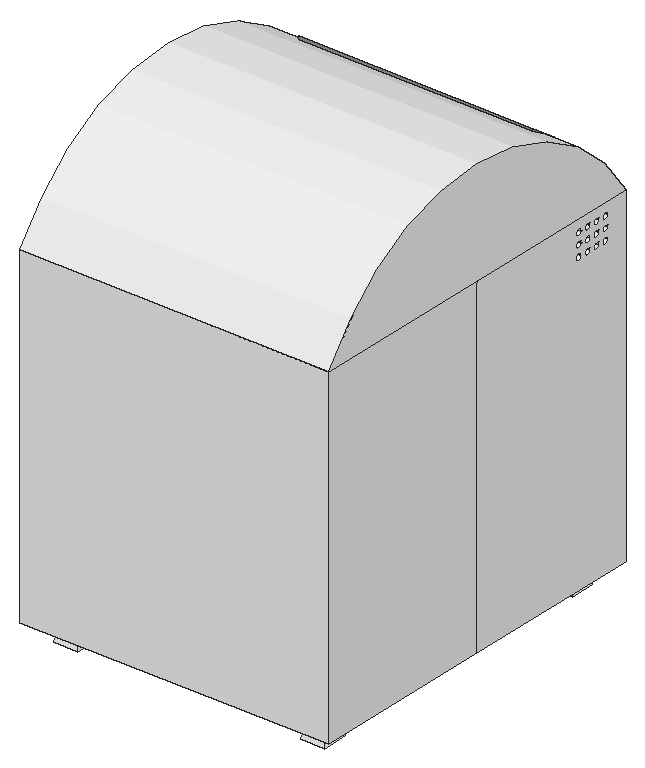
Revit family
Parameters
  Length = 2438.4 mm
  Angle = 36.00°
Reference planes
  plane 1 "Center Front/Back": y = 0
  plane 2: z = 0
  plane 3 "Center Left/Right": x = 0
Forms (mm)
  Extrusion 1, solid, material "Plastic - White, Smooth"
    sketch origin (0, 0, 0) x (1, 0, 0) y (0, 1, 0)
      loop
        line (-125, -150) -> (125, -150) -> (125, 0) -> (125, 150) -> (-125, 150) -> (-125, 0) -> (-125, -150)
    from 15 to 285
  Blend 2, solid, material "Plastic - White, Smooth"
    base sketch origin (0, 0, 0) x (1, 0, 0) y (0, 1, 0)
      loop
        line (-110, 135) -> (-110, 115) -> (-90, 115) -> (-90, 135) -> (-110, 135)
    top sketch origin (0, 0, 0) x (1, 0, 0) y (0, 1, 0)
      loop
        line (-106, 131) -> (-106, 119) -> (-94, 119) -> (-94, 131) -> (-106, 131)
    from 0 to 15
  Blend 3, solid, material "Plastic - White, Smooth"
    base sketch origin (0, 0, 0) x (-1, 0, 0) y (0, -1, 0)
      loop
        line (-110, -135) -> (-90, -135) -> (-90, -115) -> (-110, -115) -> (-110, -135)
    top sketch origin (0, 0, 0) x (-1, 0, 0) y (0, -1, 0)
      loop
        line (-106, -131) -> (-94, -131) -> (-94, -119) -> (-106, -119) -> (-106, -131)
    from 0 to 15
  Blend 4, solid, material "Plastic - White, Smooth"
    base sketch origin (0, 0, 0) x (-1, 0, 0) y (0, -1, 0)
      loop
        line (-110, 135) -> (-110, 115) -> (-90, 115) -> (-90, 135) -> (-110, 135)
    top sketch origin (0, 0, 0) x (-1, 0, 0) y (0, -1, 0)
      loop
        line (-106, 131) -> (-106, 119) -> (-94, 119) -> (-94, 131) -> (-106, 131)
    from 0 to 15
  Blend 5, solid, material "Plastic - White, Smooth"
    base sketch origin (0, 0, 0) x (1, 0, 0) y (0, 1, 0)
      loop
        line (-110, -135) -> (-90, -135) -> (-90, -115) -> (-110, -115) -> (-110, -135)
    top sketch origin (0, 0, 0) x (1, 0, 0) y (0, 1, 0)
      loop
        line (-106, -131) -> (-94, -131) -> (-94, -119) -> (-106, -119) -> (-106, -131)
    from 0 to 15
  Extrusion 6, solid, material "Plastic - White, Smooth"
    sketch origin (0, 0, 0) x (0, 1, 0) y (0, 0, 1)
      loop
        arc (150, 285) -> (0, 369.695) -> (-150, 285) r 175.177
        line (-150, 285) -> (150, 285)
    from -125 to 125
  Extrusion 7, void
    sketch origin (0, 0, 0) x (0, 1, 0) y (0, 0, 1)
      loop
        circle (129.496, 275.068) r 2.687
    from -125 to 136.726
  Extrusion 8, void
    sketch origin (0, -9.007, 0) x (0, 1, 0) y (0, 0, 1)
      loop
        circle (129.496, 275.068) r 2.687
    from -125 to 136.726
  Extrusion 9, void
    sketch origin (0, -18.013, 0) x (0, 1, 0) y (0, 0, 1)
      loop
        circle (129.496, 275.068) r 2.687
    from -125 to 136.726
  Extrusion 10, void
    sketch origin (0, -26.996, 0) x (0, 1, 0) y (0, 0, 1)
      loop
        circle (129.496, 275.068) r 2.687
    from -125 to 136.726
  Extrusion 11, void
    sketch origin (0, -26.996, -8.978) x (0, 1, 0) y (0, 0, 1)
      loop
        circle (129.496, 275.068) r 2.687
    from -125 to 136.726
  Extrusion 12, void
    sketch origin (0, -18.013, -8.978) x (0, 1, 0) y (0, 0, 1)
      loop
        circle (129.496, 275.068) r 2.687
    from -125 to 136.726
  Extrusion 13, void
    sketch origin (0, -9.007, -8.978) x (0, 1, 0) y (0, 0, 1)
      loop
        circle (129.496, 275.068) r 2.687
    from -125 to 136.726
  Extrusion 14, void
    sketch origin (0, 0, -8.978) x (0, 1, 0) y (0, 0, 1)
      loop
        circle (129.496, 275.068) r 2.687
    from -125 to 136.726
  Extrusion 15, void
    sketch origin (0, 0, -17.955) x (0, 1, 0) y (0, 0, 1)
      loop
        circle (129.496, 275.068) r 2.687
    from -125 to 136.726
  Extrusion 16, void
    sketch origin (0, -9.007, -17.955) x (0, 1, 0) y (0, 0, 1)
      loop
        circle (129.496, 275.068) r 2.687
    from -125 to 136.726
  Extrusion 17, void
    sketch origin (0, -18.013, -17.955) x (0, 1, 0) y (0, 0, 1)
      loop
        circle (129.496, 275.068) r 2.687
    from -125 to 136.726
  Extrusion 18, void
    sketch origin (0, -26.996, -17.955) x (0, 1, 0) y (0, 0, 1)
      loop
        circle (129.496, 275.068) r 2.687
    from -125 to 136.726
  Extrusion 19, solid, material "Vapour / Moisture Barriers - Damp-proofing"
    sketch origin (0, 0, 0) x (0, 1, 0) y (0, 0, 1)
      loop
        line (94, 343.523) -> (94, 285) -> (134, 285) -> (134, 308.896)
        arc (134, 308.896) -> (115.307, 327.72) -> (94, 343.523) r 176.177
    from -95 to 95
Cuts and joins
  Extrusion 7, Extrusion 8, Extrusion 9, Extrusion 10, Extrusion 11, Extrusion 12, Extrusion 13, Extrusion 14, Extrusion 15, Extrusion 16, Extrusion 17, Extrusion 18 cuts Extrusion 1
Lines and regions (mm)
  Split face 1
    outline origin (-125, 170, 0) x (0, -1, 0) y (0, 0, 1)
      loop
        circle (40.504, 275.068) r 2.687
  Split face 2
    outline origin (-125, 160.993, 0) x (0, -1, 0) y (0, 0, 1)
      loop
        circle (40.504, 275.068) r 2.687
  Split face 3
    outline origin (-125, 151.987, 0) x (0, -1, 0) y (0, 0, 1)
      loop
        circle (40.504, 275.068) r 2.687
  Split face 4
    outline origin (-125, 143.004, 0) x (0, -1, 0) y (0, 0, 1)
      loop
        circle (40.504, 275.068) r 2.687
  Split face 5
    outline origin (-125, 170, -8.978) x (0, -1, 0) y (0, 0, 1)
      loop
        circle (40.504, 275.068) r 2.687
  Split face 6
    outline origin (-125, 160.993, -8.978) x (0, -1, 0) y (0, 0, 1)
      loop
        circle (40.504, 275.068) r 2.687
  Split face 7
    outline origin (-125, 151.987, -8.978) x (0, -1, 0) y (0, 0, 1)
      loop
        circle (40.504, 275.068) r 2.687
  Split face 8
    outline origin (-125, 143.004, -8.978) x (0, -1, 0) y (0, 0, 1)
      loop
        circle (40.504, 275.068) r 2.687
  Split face 9
    outline origin (-125, 170, -17.955) x (0, -1, 0) y (0, 0, 1)
      loop
        circle (40.504, 275.068) r 2.687
  Split face 10
    outline origin (-125, 160.993, -17.955) x (0, -1, 0) y (0, 0, 1)
      loop
        circle (40.504, 275.068) r 2.687
  Split face 11
    outline origin (-125, 151.987, -17.955) x (0, -1, 0) y (0, 0, 1)
      loop
        circle (40.504, 275.068) r 2.687
  Split face 12
    outline origin (-125, 143.004, -17.955) x (0, -1, 0) y (0, 0, 1)
      loop
        circle (40.504, 275.068) r 2.687
Dimensions and locks
  aligned and locked: level to plane 2
